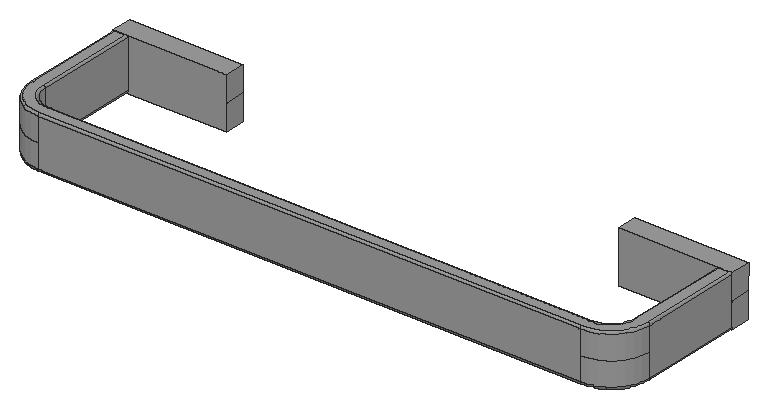
Revit family "TBA ATLAS 30 NEGRO MATE", category Plumbing Fixtures, Revit 2019
Family settings
  Round Connector Dimension = Use Diameter
  Part Type = Normal
  OmniClass Number = 23.45.00.00
  OmniClass Title = Sanitary, Laundry, and Cleaning Equipment
  Work Plane-Based = No
  Always vertical = Yes
  Cut with Voids When Loaded = No
  Shared = No
  Room Calculation Point = No
Reference planes
  plane 1 "Center (Front/Back)": y = 0
  plane 2: z = 0
  plane 3 "Center (Left/Right)": x = 0
Forms (mm)
  Extrusion 1, solid
    sketch origin (0, 0, 0) x (1, 0, 0) y (0, 0, 1)
      loop
        line (0, 0) -> (0, -12.5) -> (55, -12.5) -> (55, 0) -> (55, 12.5) -> (0, 12.5) -> (0, 0)
      loop
        line (300, 0) -> (300, 12.5) -> (245, 12.5) -> (245, 0) -> (245, -12.5) -> (300, -12.5) -> (300, 0)
    from 0 to 10
  Sweep 2, solid
    path origin (0, 0, 0) x (1, 0, 0) y (0, 1, 0)
      loop
        line (3.5, -10) -> (3.5, -60)
        arc (3.5, -60) -> (7.893, -70.607) -> (18.5, -75) r 15
        line (18.5, -75) -> (281.5, -75)
        arc (281.5, -75) -> (292.107, -70.607) -> (296.5, -60) r 15
        line (296.5, -60) -> (296.5, -10)
    profile origin (3.5, -10, 0) x (1, 0, 0) y (0, 0, 1)
      loop
        line (-3.5, 0) -> (-3.5, -11.526)
        arc (-3.5, -11.526) -> (-3.215, -12.215) -> (-2.526, -12.5) r 0.974
        line (-2.526, -12.5) -> (2.496, -12.5)
        arc (2.496, -12.5) -> (3.206, -12.206) -> (3.5, -11.496) r 1.004
        line (3.5, -11.496) -> (3.5, 11.458)
        arc (3.5, 11.458) -> (3.195, 12.195) -> (2.458, 12.5) r 1.042
        line (2.458, 12.5) -> (-2.505, 12.5)
        arc (-2.505, 12.5) -> (-3.209, 12.209) -> (-3.5, 11.505) r 0.995
        line (-3.5, 11.505) -> (-3.5, 0)
Dimensions and locks
  aligned and locked: level to plane 2
